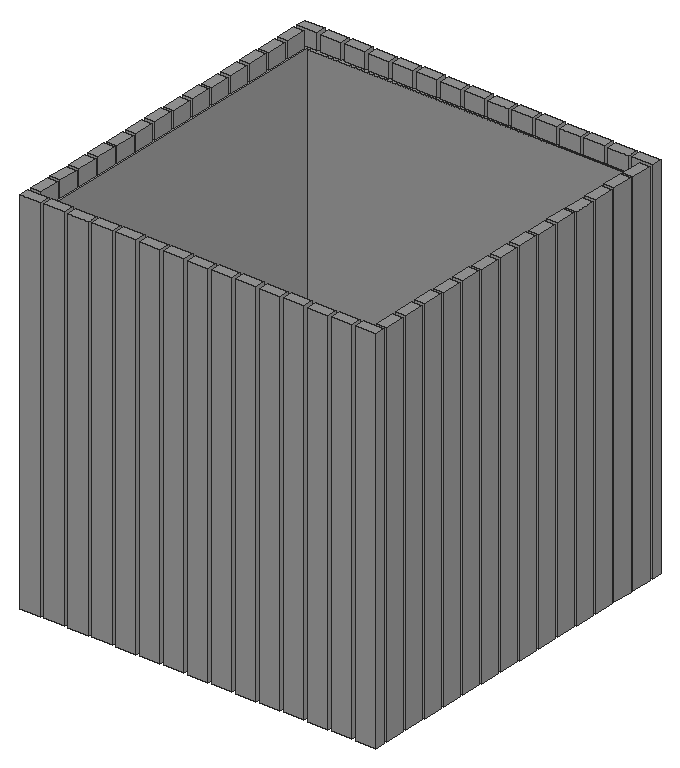
Revit family "5972 Вазон «Олеандр» Хоббика", category Антураж, Revit 2018 (continued)
Definition of nested family "Вазон «Олеандр» Арт 59972 700х700"
  Automatic sketch dimensions
    Extrusion 12 sketch curve to Extrusion 12 sketch curve = 40 mm  (x2)
    Extrusion 12 sketch curve to Extrusion 12 sketch curve = 20 mm  (x2)
    Extrusion 12 sketch curve to Extrusion 12 sketch curve = 0 mm
    Extrusion 12 sketch curve to Extrusion 12 sketch curve = 660 mm
    Extrusion 13 sketch curve to Extrusion 13 sketch curve = 40 mm  (x2)
    Extrusion 13 sketch curve to Extrusion 13 sketch curve = 20 mm  (x2)
    Extrusion 13 sketch curve to Extrusion 13 sketch curve = 0 mm
    Extrusion 13 sketch curve to Extrusion 13 sketch curve = 660 mm
    Extrusion 14 sketch curve to Extrusion 14 sketch curve = 40 mm  (x2)
    Extrusion 14 sketch curve to Extrusion 14 sketch curve = 20 mm  (x2)
    Extrusion 14 sketch curve to Extrusion 14 sketch curve = 0 mm
    Extrusion 14 sketch curve to Extrusion 14 sketch curve = 660 mm
    Extrusion 15 sketch curve to Extrusion 15 sketch curve = 40 mm  (x2)
    Extrusion 15 sketch curve to Extrusion 15 sketch curve = 20 mm  (x2)
    Extrusion 15 sketch curve to Extrusion 15 sketch curve = 0 mm
    Extrusion 15 sketch curve to Extrusion 15 sketch curve = 660 mm
    Extrusion 1 sketch curve to plane 3 "По центру (Влево/Вправо)" = 0 mm
    plane 1 "По центру (Вперед/Назад)" to Extrusion 1 sketch curve = 0 mm
    Extrusion 2 sketch curve to plane 5 = 0 mm
    Extrusion 2 sketch curve to plane 4 = 0 mm
    Extrusion 3 sketch curve to plane 5 = 0 mm
    plane 3 "По центру (Влево/Вправо)" to Extrusion 3 sketch curve = 47.143 mm
    Extrusion 4 sketch curve to plane 5 = 0 mm
    plane 3 "По центру (Влево/Вправо)" to Extrusion 4 sketch curve = 94.286 mm
    Extrusion 5 sketch curve to plane 5 = 0 mm
    plane 3 "По центру (Влево/Вправо)" to Extrusion 5 sketch curve = 141.429 mm
    Extrusion 6 sketch curve to plane 5 = 0 mm
    plane 3 "По центру (Влево/Вправо)" to Extrusion 6 sketch curve = 188.571 mm
    Extrusion 7 sketch curve to plane 5 = 0 mm
    plane 3 "По центру (Влево/Вправо)" to Extrusion 7 sketch curve = 235.714 mm
    Extrusion 8 sketch curve to plane 5 = 0 mm
    plane 3 "По центру (Влево/Вправо)" to Extrusion 8 sketch curve = 282.857 mm
    Extrusion 9 sketch curve to plane 5 = 0 mm
    plane 3 "По центру (Влево/Вправо)" to Extrusion 9 sketch curve = 330 mm
    Extrusion 10 sketch curve to plane 5 = 0 mm
    Extrusion 10 sketch curve to plane 4 = 322.857 mm
    Extrusion 11 sketch curve to plane 5 = 0 mm
    Extrusion 11 sketch curve to plane 4 = 275.714 mm
    Extrusion 12 sketch curve to plane 5 = 0 mm
    Extrusion 12 sketch curve to plane 4 = 228.571 mm
    Extrusion 13 sketch curve to plane 5 = 0 mm
    Extrusion 13 sketch curve to plane 4 = 181.429 mm
    Extrusion 14 sketch curve to plane 5 = 0 mm
    Extrusion 14 sketch curve to plane 4 = 134.286 mm
    Extrusion 15 sketch curve to plane 5 = 0 mm
    Extrusion 15 sketch curve to plane 4 = 87.143 mm
    Extrusion 16 sketch curve to Extrusion 16 sketch curve = 20 mm  (x2)
    Extrusion 16 sketch curve to Extrusion 16 sketch curve = 660 mm
    Extrusion 16 sketch curve to Extrusion 16 sketch curve = 0 mm
    Extrusion 16 sketch curve to Extrusion 16 sketch curve = 40 mm  (x2)
    Extrusion 17 sketch curve to Extrusion 17 sketch curve = 20 mm  (x2)
    Extrusion 17 sketch curve to Extrusion 17 sketch curve = 660 mm
    Extrusion 17 sketch curve to Extrusion 17 sketch curve = 0 mm
    Extrusion 17 sketch curve to Extrusion 17 sketch curve = 40 mm  (x2)
    Extrusion 18 sketch curve to Extrusion 18 sketch curve = 20 mm  (x2)
    Extrusion 18 sketch curve to Extrusion 18 sketch curve = 660 mm
    Extrusion 18 sketch curve to Extrusion 18 sketch curve = 0 mm
    Extrusion 18 sketch curve to Extrusion 18 sketch curve = 40 mm  (x2)
    Extrusion 19 sketch curve to Extrusion 19 sketch curve = 20 mm  (x2)
    Extrusion 19 sketch curve to Extrusion 19 sketch curve = 660 mm
    Extrusion 19 sketch curve to Extrusion 19 sketch curve = 0 mm
    Extrusion 19 sketch curve to Extrusion 19 sketch curve = 40 mm  (x2)
    Extrusion 20 sketch curve to Extrusion 20 sketch curve = 20 mm  (x2)
    Extrusion 20 sketch curve to Extrusion 20 sketch curve = 660 mm
    Extrusion 20 sketch curve to Extrusion 20 sketch curve = 0 mm
    Extrusion 20 sketch curve to Extrusion 20 sketch curve = 40 mm  (x2)
    Extrusion 21 sketch curve to Extrusion 21 sketch curve = 20 mm  (x2)
    Extrusion 21 sketch curve to Extrusion 21 sketch curve = 660 mm
    Extrusion 21 sketch curve to Extrusion 21 sketch curve = 0 mm
    Extrusion 21 sketch curve to Extrusion 21 sketch curve = 40 mm  (x2)
    Extrusion 22 sketch curve to Extrusion 22 sketch curve = 20 mm  (x2)
    Extrusion 22 sketch curve to Extrusion 22 sketch curve = 660 mm
    Extrusion 22 sketch curve to Extrusion 22 sketch curve = 0 mm
    Extrusion 22 sketch curve to Extrusion 22 sketch curve = 40 mm  (x2)
    Extrusion 23 sketch curve to Extrusion 23 sketch curve = 20 mm  (x2)
    Extrusion 23 sketch curve to Extrusion 23 sketch curve = 660 mm
    Extrusion 23 sketch curve to Extrusion 23 sketch curve = 0 mm
    Extrusion 23 sketch curve to Extrusion 23 sketch curve = 40 mm  (x2)
    Extrusion 24 sketch curve to Extrusion 24 sketch curve = 20 mm  (x2)
    Extrusion 24 sketch curve to Extrusion 24 sketch curve = 660 mm
    Extrusion 24 sketch curve to Extrusion 24 sketch curve = 0 mm
    Extrusion 24 sketch curve to Extrusion 24 sketch curve = 40 mm  (x2)
    Extrusion 25 sketch curve to Extrusion 25 sketch curve = 20 mm  (x2)
    Extrusion 25 sketch curve to Extrusion 25 sketch curve = 660 mm
    Extrusion 25 sketch curve to Extrusion 25 sketch curve = 0 mm
    Extrusion 25 sketch curve to Extrusion 25 sketch curve = 40 mm  (x2)
    Extrusion 26 sketch curve to Extrusion 26 sketch curve = 20 mm  (x2)
    Extrusion 26 sketch curve to Extrusion 26 sketch curve = 660 mm
    Extrusion 26 sketch curve to Extrusion 26 sketch curve = 0 mm
    Extrusion 26 sketch curve to Extrusion 26 sketch curve = 40 mm  (x2)
    Extrusion 27 sketch curve to Extrusion 27 sketch curve = 20 mm  (x2)
    Extrusion 27 sketch curve to Extrusion 27 sketch curve = 660 mm
    Extrusion 27 sketch curve to Extrusion 27 sketch curve = 0 mm
    Extrusion 27 sketch curve to Extrusion 27 sketch curve = 40 mm  (x2)
    Extrusion 28 sketch curve to Extrusion 28 sketch curve = 20 mm  (x2)
    Extrusion 28 sketch curve to Extrusion 28 sketch curve = 660 mm
    Extrusion 28 sketch curve to Extrusion 28 sketch curve = 0 mm
    Extrusion 28 sketch curve to Extrusion 28 sketch curve = 40 mm  (x2)
    Extrusion 29 sketch curve to Extrusion 29 sketch curve = 20 mm  (x2)
    Extrusion 29 sketch curve to Extrusion 29 sketch curve = 660 mm
    Extrusion 29 sketch curve to Extrusion 29 sketch curve = 0 mm
    Extrusion 29 sketch curve to Extrusion 29 sketch curve = 40 mm  (x2)
    Extrusion 16 sketch curve to plane 3 "По центру (Влево/Вправо)" = 0 mm
    Extrusion 16 sketch curve to plane 5 = 67.1 mm
    Extrusion 17 sketch curve to plane 3 "По центру (Влево/Вправо)" = 0 mm
    Extrusion 17 sketch curve to plane 1 "По центру (Вперед/Назад)" = 27.1 mm
    Extrusion 18 sketch curve to plane 3 "По центру (Влево/Вправо)" = 0 mm
    Extrusion 18 sketch curve to plane 5 = 113.7 mm
    Extrusion 19 sketch curve to plane 3 "По центру (Влево/Вправо)" = 0 mm
    Extrusion 19 sketch curve to plane 5 = 160.3 mm
    Extrusion 20 sketch curve to plane 3 "По центру (Влево/Вправо)" = 0 mm
    Extrusion 20 sketch curve to plane 5 = 206.9 mm
    Extrusion 21 sketch curve to plane 3 "По центру (Влево/Вправо)" = 0 mm
    Extrusion 21 sketch curve to plane 5 = 253.5 mm
    Extrusion 22 sketch curve to plane 3 "По центру (Влево/Вправо)" = 0 mm
    Extrusion 22 sketch curve to plane 5 = 300.1 mm
    Extrusion 23 sketch curve to plane 3 "По центру (Влево/Вправо)" = 0 mm
    Extrusion 23 sketch curve to plane 5 = 346.7 mm
    Extrusion 24 sketch curve to plane 3 "По центру (Влево/Вправо)" = 0 mm
    Extrusion 24 sketch curve to plane 1 "По центру (Вперед/Назад)" = 306.7 mm
    Extrusion 25 sketch curve to plane 3 "По центру (Влево/Вправо)" = 0 mm
    Extrusion 25 sketch curve to plane 1 "По центру (Вперед/Назад)" = 260.1 mm
    Extrusion 26 sketch curve to plane 3 "По центру (Влево/Вправо)" = 0 mm
    Extrusion 26 sketch curve to plane 1 "По центру (Вперед/Назад)" = 213.5 mm
    Extrusion 27 sketch curve to plane 3 "По центру (Влево/Вправо)" = 0 mm
    Extrusion 27 sketch curve to plane 1 "По центру (Вперед/Назад)" = 166.9 mm
    Extrusion 28 sketch curve to plane 3 "По центру (Влево/Вправо)" = 0 mm
    Extrusion 28 sketch curve to plane 1 "По центру (Вперед/Назад)" = 120.3 mm
    Extrusion 29 sketch curve to plane 3 "По центру (Влево/Вправо)" = 0 mm
    Extrusion 29 sketch curve to plane 1 "По центру (Вперед/Назад)" = 73.7 mm
    plane 3 "По центру (Влево/Вправо)" to Extrusion 30 sketch curve = 20 mm
    Extrusion 30 sketch curve to plane 4 = 20 mm
    Extrusion 30 sketch curve to plane 1 "По центру (Вперед/Назад)" = 20 mm
    Extrusion 30 sketch curve to plane 5 = 20 mm
    Extrusion 30 sketch curve to Extrusion 30 sketch curve = 5 mm  (x4)
    plane 3 "По центру (Влево/Вправо)" to Extrusion 31 sketch curve = 25 mm
    Extrusion 31 sketch curve to plane 4 = 25 mm
    Extrusion 31 sketch curve to plane 1 "По центру (Вперед/Назад)" = 25 mm
    Extrusion 31 sketch curve to plane 5 = 25 mm
Definition of nested family "Вазон «Олеандр» Арт 59972 1000х1000"
  Parameters (values of type "Вазон «Олеандр» Арт 59972 1000х1000")
    Ширина = 1000 mm
    Цвет отделки = none
    Цвет каркаса = none
    Длина = 1000 mm
    Height = 1000 mm
  Reference planes
    plane 1 "По центру (Вперед/Назад)": y = 0
    plane 2: z = 0
    plane 3 "По центру (Влево/Вправо)": x = 0
    plane 4: x = 1000
    plane 5: y = 1000
    plane 6: z = 1000
  Forms (mm)
    Extrusion 1, solid, material <- "Цвет отделки"
      sketch origin (0, 0, 0) x (1, 0, 0) y (0, 1, 0)
        loop
          line (0, 1000) -> (0, 980) -> (40, 980) -> (40, 1000) -> (0, 1000)
        loop
          line (0, 20) -> (0, 0) -> (40, 0) -> (40, 20) -> (0, 20)
      from 0 to 1000
    Extrusion 2, solid, material <- "Цвет отделки"
      sketch origin (0, 2, 0) x (1, 0, 0) y (0, 1, 0)
        loop
          line (20, 970) -> (0, 970) -> (0, 930) -> (20, 930) -> (20, 970)
        loop
          line (1000, 970) -> (980, 970) -> (980, 930) -> (1000, 930) -> (1000, 970)
      from 0 to 1000
    Extrusion 3, solid, material <- "Цвет каркаса"
      sketch origin (0, 0, 0) x (1, 0, 0) y (0, 1, 0)
        loop
          line (20, 980) -> (20, 20) -> (980, 20) -> (980, 980) -> (20, 980)
        loop
          line (25, 975) -> (25, 25) -> (975, 25) -> (975, 975) -> (25, 975)
      from 0 to 970
    Extrusion 4, solid, material <- "Цвет каркаса"
      sketch origin (0, 0, 0) x (1, 0, 0) y (0, 1, 0)
        loop
          line (25, 975) -> (25, 25) -> (975, 25) -> (975, 975) -> (25, 975)
      from 0 to 5
    Extrusion 5, solid, material <- "Цвет отделки"
      sketch origin (960, 0, 0) x (1, 0, 0) y (0, 1, 0)
        loop
          line (0, 1000) -> (0, 980) -> (40, 980) -> (40, 1000) -> (0, 1000)
        loop
          line (0, 20) -> (0, 0) -> (40, 0) -> (40, 20) -> (0, 20)
      from 0 to 1000
    Extrusion 6, solid, material <- "Цвет отделки"
      sketch origin (48, 0, 0) x (1, 0, 0) y (0, 1, 0)
        loop
          line (0, 1000) -> (0, 980) -> (40, 980) -> (40, 1000) -> (0, 1000)
        loop
          line (0, 20) -> (0, 0) -> (40, 0) -> (40, 20) -> (0, 20)
      from 0 to 1000
    Extrusion 7, solid, material <- "Цвет отделки"
      sketch origin (96, 0, 0) x (1, 0, 0) y (0, 1, 0)
        loop
          line (0, 1000) -> (0, 980) -> (40, 980) -> (40, 1000) -> (0, 1000)
        loop
          line (0, 20) -> (0, 0) -> (40, 0) -> (40, 20) -> (0, 20)
      from 0 to 1000
    Extrusion 8, solid, material <- "Цвет отделки"
      sketch origin (144, 0, 0) x (1, 0, 0) y (0, 1, 0)
        loop
          line (0, 1000) -> (0, 980) -> (40, 980) -> (40, 1000) -> (0, 1000)
        loop
          line (0, 20) -> (0, 0) -> (40, 0) -> (40, 20) -> (0, 20)
      from 0 to 1000
    Extrusion 9, solid, material <- "Цвет отделки"
      sketch origin (192, 0, 0) x (1, 0, 0) y (0, 1, 0)
        loop
          line (0, 1000) -> (0, 980) -> (40, 980) -> (40, 1000) -> (0, 1000)
        loop
          line (0, 20) -> (0, 0) -> (40, 0) -> (40, 20) -> (0, 20)
      from 0 to 1000
    Extrusion 10, solid, material <- "Цвет отделки"
      sketch origin (240, 0, 0) x (1, 0, 0) y (0, 1, 0)
        loop
          line (0, 1000) -> (0, 980) -> (40, 980) -> (40, 1000) -> (0, 1000)
        loop
          line (0, 20) -> (0, 0) -> (40, 0) -> (40, 20) -> (0, 20)
      from 0 to 1000
    Extrusion 11, solid, material <- "Цвет отделки"
      sketch origin (288, 0, 0) x (1, 0, 0) y (0, 1, 0)
        loop
          line (0, 1000) -> (0, 980) -> (40, 980) -> (40, 1000) -> (0, 1000)
        loop
          line (0, 20) -> (0, 0) -> (40, 0) -> (40, 20) -> (0, 20)
      from 0 to 1000
    Extrusion 12, solid, material <- "Цвет отделки"
      sketch origin (336, 0, 0) x (1, 0, 0) y (0, 1, 0)
        loop
          line (0, 1000) -> (0, 980) -> (40, 980) -> (40, 1000) -> (0, 1000)
        loop
          line (0, 20) -> (0, 0) -> (40, 0) -> (40, 20) -> (0, 20)
      from 0 to 1000
    Extrusion 13, solid, material <- "Цвет отделки"
      sketch origin (384, 0, 0) x (1, 0, 0) y (0, 1, 0)
        loop
          line (0, 1000) -> (0, 980) -> (40, 980) -> (40, 1000) -> (0, 1000)
        loop
          line (0, 20) -> (0, 0) -> (40, 0) -> (40, 20) -> (0, 20)
      from 0 to 1000
    Extrusion 14, solid, material <- "Цвет отделки"
      sketch origin (432, 0, 0) x (1, 0, 0) y (0, 1, 0)
        loop
          line (0, 1000) -> (0, 980) -> (40, 980) -> (40, 1000) -> (0, 1000)
        loop
          line (0, 20) -> (0, 0) -> (40, 0) -> (40, 20) -> (0, 20)
      from 0 to 1000
    Extrusion 15, solid, material <- "Цвет отделки"
      sketch origin (480, 0, 0) x (1, 0, 0) y (0, 1, 0)
        loop
          line (0, 1000) -> (0, 980) -> (40, 980) -> (40, 1000) -> (0, 1000)
        loop
          line (0, 20) -> (0, 0) -> (40, 0) -> (40, 20) -> (0, 20)
      from 0 to 1000
    Extrusion 16, solid, material <- "Цвет отделки"
      sketch origin (528, 0, 0) x (1, 0, 0) y (0, 1, 0)
        loop
          line (0, 1000) -> (0, 980) -> (40, 980) -> (40, 1000) -> (0, 1000)
        loop
          line (0, 20) -> (0, 0) -> (40, 0) -> (40, 20) -> (0, 20)
      from 0 to 1000
    Extrusion 17, solid, material <- "Цвет отделки"
      sketch origin (576, 0, 0) x (1, 0, 0) y (0, 1, 0)
        loop
          line (0, 1000) -> (0, 980) -> (40, 980) -> (40, 1000) -> (0, 1000)
        loop
          line (0, 20) -> (0, 0) -> (40, 0) -> (40, 20) -> (0, 20)
      from 0 to 1000
    Extrusion 18, solid, material <- "Цвет отделки"
      sketch origin (624, 0, 0) x (1, 0, 0) y (0, 1, 0)
        loop
          line (0, 1000) -> (0, 980) -> (40, 980) -> (40, 1000) -> (0, 1000)
        loop
          line (0, 20) -> (0, 0) -> (40, 0) -> (40, 20) -> (0, 20)
      from 0 to 1000
    Extrusion 19, solid, material <- "Цвет отделки"
      sketch origin (672, 0, 0) x (1, 0, 0) y (0, 1, 0)
        loop
          line (0, 1000) -> (0, 980) -> (40, 980) -> (40, 1000) -> (0, 1000)
        loop
          line (0, 20) -> (0, 0) -> (40, 0) -> (40, 20) -> (0, 20)
      from 0 to 1000
    Extrusion 20, solid, material <- "Цвет отделки"
      sketch origin (720, 0, 0) x (1, 0, 0) y (0, 1, 0)
        loop
          line (0, 1000) -> (0, 980) -> (40, 980) -> (40, 1000) -> (0, 1000)
        loop
          line (0, 20) -> (0, 0) -> (40, 0) -> (40, 20) -> (0, 20)
      from 0 to 1000
    Extrusion 21, solid, material <- "Цвет отделки"
      sketch origin (768, 0, 0) x (1, 0, 0) y (0, 1, 0)
        loop
          line (0, 1000) -> (0, 980) -> (40, 980) -> (40, 1000) -> (0, 1000)
        loop
          line (0, 20) -> (0, 0) -> (40, 0) -> (40, 20) -> (0, 20)
      from 0 to 1000
    Extrusion 22, solid, material <- "Цвет отделки"
      sketch origin (816, 0, 0) x (1, 0, 0) y (0, 1, 0)
        loop
          line (0, 1000) -> (0, 980) -> (40, 980) -> (40, 1000) -> (0, 1000)
        loop
          line (0, 20) -> (0, 0) -> (40, 0) -> (40, 20) -> (0, 20)
      from 0 to 1000
    Extrusion 23, solid, material <- "Цвет отделки"
      sketch origin (864, 0, 0) x (1, 0, 0) y (0, 1, 0)
        loop
          line (0, 1000) -> (0, 980) -> (40, 980) -> (40, 1000) -> (0, 1000)
        loop
          line (0, 20) -> (0, 0) -> (40, 0) -> (40, 20) -> (0, 20)
      from 0 to 1000
    Extrusion 24, solid, material <- "Цвет отделки"
      sketch origin (912, 0, 0) x (1, 0, 0) y (0, 1, 0)
        loop
          line (0, 1000) -> (0, 980) -> (40, 980) -> (40, 1000) -> (0, 1000)
        loop
          line (0, 20) -> (0, 0) -> (40, 0) -> (40, 20) -> (0, 20)
      from 0 to 1000
    Extrusion 25, solid, material <- "Цвет отделки"
      sketch origin (0, -902, 0) x (1, 0, 0) y (0, 1, 0)
        loop
          line (20, 970) -> (0, 970) -> (0, 930) -> (20, 930) -> (20, 970)
        loop
          line (1000, 970) -> (980, 970) -> (980, 930) -> (1000, 930) -> (1000, 970)
      from 0 to 1000
    Extrusion 26, solid, material <- "Цвет отделки"
      sketch origin (0, -45.579, 0) x (1, 0, 0) y (0, 1, 0)
        loop
          line (20, 970) -> (0, 970) -> (0, 930) -> (20, 930) -> (20, 970)
        loop
          line (1000, 970) -> (980, 970) -> (980, 930) -> (1000, 930) -> (1000, 970)
      from 0 to 1000
    Extrusion 27, solid, material <- "Цвет отделки"
      sketch origin (0, -93.158, 0) x (1, 0, 0) y (0, 1, 0)
        loop
          line (20, 970) -> (0, 970) -> (0, 930) -> (20, 930) -> (20, 970)
        loop
          line (1000, 970) -> (980, 970) -> (980, 930) -> (1000, 930) -> (1000, 970)
      from 0 to 1000
    Extrusion 28, solid, material <- "Цвет отделки"
      sketch origin (0, -140.737, 0) x (1, 0, 0) y (0, 1, 0)
        loop
          line (20, 970) -> (0, 970) -> (0, 930) -> (20, 930) -> (20, 970)
        loop
          line (1000, 970) -> (980, 970) -> (980, 930) -> (1000, 930) -> (1000, 970)
      from 0 to 1000
    Extrusion 29, solid, material <- "Цвет отделки"
      sketch origin (0, -188.316, 0) x (1, 0, 0) y (0, 1, 0)
        loop
          line (20, 970) -> (0, 970) -> (0, 930) -> (20, 930) -> (20, 970)
        loop
          line (1000, 970) -> (980, 970) -> (980, 930) -> (1000, 930) -> (1000, 970)
      from 0 to 1000
    Extrusion 30, solid, material <- "Цвет отделки"
      sketch origin (0, -235.895, 0) x (1, 0, 0) y (0, 1, 0)
        loop
          line (20, 970) -> (0, 970) -> (0, 930) -> (20, 930) -> (20, 970)
        loop
          line (1000, 970) -> (980, 970) -> (980, 930) -> (1000, 930) -> (1000, 970)
      from 0 to 1000
    Extrusion 31, solid, material <- "Цвет отделки"
      sketch origin (0, -283.474, 0) x (1, 0, 0) y (0, 1, 0)
        loop
          line (20, 970) -> (0, 970) -> (0, 930) -> (20, 930) -> (20, 970)
        loop
          line (1000, 970) -> (980, 970) -> (980, 930) -> (1000, 930) -> (1000, 970)
      from 0 to 1000
    Extrusion 32, solid, material <- "Цвет отделки"
      sketch origin (0, -331.053, 0) x (1, 0, 0) y (0, 1, 0)
        loop
          line (20, 970) -> (0, 970) -> (0, 930) -> (20, 930) -> (20, 970)
        loop
          line (1000, 970) -> (980, 970) -> (980, 930) -> (1000, 930) -> (1000, 970)
      from 0 to 1000
    Extrusion 33, solid, material <- "Цвет отделки"
      sketch origin (0, -378.632, 0) x (1, 0, 0) y (0, 1, 0)
        loop
          line (20, 970) -> (0, 970) -> (0, 930) -> (20, 930) -> (20, 970)
        loop
          line (1000, 970) -> (980, 970) -> (980, 930) -> (1000, 930) -> (1000, 970)
      from 0 to 1000
    Extrusion 34, solid, material <- "Цвет отделки"
      sketch origin (0, -426.211, 0) x (1, 0, 0) y (0, 1, 0)
        loop
          line (20, 970) -> (0, 970) -> (0, 930) -> (20, 930) -> (20, 970)
        loop
          line (1000, 970) -> (980, 970) -> (980, 930) -> (1000, 930) -> (1000, 970)
      from 0 to 1000
    Extrusion 35, solid, material <- "Цвет отделки"
      sketch origin (0, -473.789, 0) x (1, 0, 0) y (0, 1, 0)
        loop
          line (20, 970) -> (0, 970) -> (0, 930) -> (20, 930) -> (20, 970)
        loop
          line (1000, 970) -> (980, 970) -> (980, 930) -> (1000, 930) -> (1000, 970)
      from 0 to 1000
    Extrusion 36, solid, material <- "Цвет отделки"
      sketch origin (0, -521.368, 0) x (1, 0, 0) y (0, 1, 0)
        loop
          line (20, 970) -> (0, 970) -> (0, 930) -> (20, 930) -> (20, 970)
        loop
          line (1000, 970) -> (980, 970) -> (980, 930) -> (1000, 930) -> (1000, 970)
      from 0 to 1000
    Extrusion 37, solid, material <- "Цвет отделки"
      sketch origin (0, -568.947, 0) x (1, 0, 0) y (0, 1, 0)
        loop
          line (20, 970) -> (0, 970) -> (0, 930) -> (20, 930) -> (20, 970)
        loop
          line (1000, 970) -> (980, 970) -> (980, 930) -> (1000, 930) -> (1000, 970)
      from 0 to 1000
    Extrusion 38, solid, material <- "Цвет отделки"
      sketch origin (0, -616.526, 0) x (1, 0, 0) y (0, 1, 0)
        loop
          line (20, 970) -> (0, 970) -> (0, 930) -> (20, 930) -> (20, 970)
        loop
          line (1000, 970) -> (980, 970) -> (980, 930) -> (1000, 930) -> (1000, 970)
      from 0 to 1000
    Extrusion 39, solid, material <- "Цвет отделки"
      sketch origin (0, -664.105, 0) x (1, 0, 0) y (0, 1, 0)
        loop
          line (20, 970) -> (0, 970) -> (0, 930) -> (20, 930) -> (20, 970)
        loop
          line (1000, 970) -> (980, 970) -> (980, 930) -> (1000, 930) -> (1000, 970)
      from 0 to 1000
    Extrusion 40, solid, material <- "Цвет отделки"
      sketch origin (0, -711.684, 0) x (1, 0, 0) y (0, 1, 0)
        loop
          line (20, 970) -> (0, 970) -> (0, 930) -> (20, 930) -> (20, 970)
        loop
          line (1000, 970) -> (980, 970) -> (980, 930) -> (1000, 930) -> (1000, 970)
      from 0 to 1000
    Extrusion 41, solid, material <- "Цвет отделки"
      sketch origin (0, -759.263, 0) x (1, 0, 0) y (0, 1, 0)
        loop
          line (20, 970) -> (0, 970) -> (0, 930) -> (20, 930) -> (20, 970)
        loop
          line (1000, 970) -> (980, 970) -> (980, 930) -> (1000, 930) -> (1000, 970)
      from 0 to 1000
    Extrusion 42, solid, material <- "Цвет отделки"
      sketch origin (0, -806.842, 0) x (1, 0, 0) y (0, 1, 0)
        loop
          line (20, 970) -> (0, 970) -> (0, 930) -> (20, 930) -> (20, 970)
        loop
          line (1000, 970) -> (980, 970) -> (980, 930) -> (1000, 930) -> (1000, 970)
      from 0 to 1000
    Extrusion 43, solid, material <- "Цвет отделки"
      sketch origin (0, -854.421, 0) x (1, 0, 0) y (0, 1, 0)
        loop
          line (20, 970) -> (0, 970) -> (0, 930) -> (20, 930) -> (20, 970)
        loop
          line (1000, 970) -> (980, 970) -> (980, 930) -> (1000, 930) -> (1000, 970)
      from 0 to 1000
  Dimensions and locks
    "Ширина": plane 5 to plane 1 "По центру (Вперед/Назад)"
    "Длина": plane 3 "По центру (Влево/Вправо)" to plane 4
    "Height": plane 6 to plane 2
    aligned and locked: level to plane 2
  Automatic sketch dimensions
    Extrusion 1 sketch curve to Extrusion 1 sketch curve = 40 mm  (x2)
    Extrusion 1 sketch curve to Extrusion 1 sketch curve = 20 mm  (x2)
    Extrusion 1 sketch curve to Extrusion 1 sketch curve = 0 mm
    Extrusion 1 sketch curve to Extrusion 1 sketch curve = 960 mm
    Extrusion 2 sketch curve to Extrusion 2 sketch curve = 20 mm  (x2)
    Extrusion 2 sketch curve to Extrusion 2 sketch curve = 960 mm
    Extrusion 2 sketch curve to Extrusion 2 sketch curve = 0 mm
    Extrusion 2 sketch curve to Extrusion 2 sketch curve = 40 mm  (x2)
    plane 3 "По центру (Влево/Вправо)" to Extrusion 3 sketch curve = 20 mm
    Extrusion 3 sketch curve to plane 4 = 20 mm
    Extrusion 3 sketch curve to plane 1 "По центру (Вперед/Назад)" = 20 mm
    Extrusion 3 sketch curve to plane 5 = 20 mm
    Extrusion 3 sketch curve to Extrusion 3 sketch curve = 5 mm  (x4)
    plane 3 "По центру (Влево/Вправо)" to Extrusion 4 sketch curve = 25 mm
    Extrusion 4 sketch curve to plane 4 = 25 mm
    Extrusion 4 sketch curve to plane 1 "По центру (Вперед/Назад)" = 25 mm
    Extrusion 4 sketch curve to plane 5 = 25 mm
    Extrusion 5 sketch curve to Extrusion 5 sketch curve = 40 mm  (x2)
    Extrusion 5 sketch curve to Extrusion 5 sketch curve = 20 mm  (x2)
    Extrusion 5 sketch curve to Extrusion 5 sketch curve = 0 mm
    Extrusion 5 sketch curve to Extrusion 5 sketch curve = 960 mm
    Extrusion 6 sketch curve to Extrusion 6 sketch curve = 40 mm  (x2)
    Extrusion 6 sketch curve to Extrusion 6 sketch curve = 20 mm  (x2)
    Extrusion 6 sketch curve to Extrusion 6 sketch curve = 0 mm
    Extrusion 6 sketch curve to Extrusion 6 sketch curve = 960 mm
    Extrusion 7 sketch curve to Extrusion 7 sketch curve = 40 mm  (x2)
    Extrusion 7 sketch curve to Extrusion 7 sketch curve = 20 mm  (x2)
    Extrusion 7 sketch curve to Extrusion 7 sketch curve = 0 mm
    Extrusion 7 sketch curve to Extrusion 7 sketch curve = 960 mm
    Extrusion 8 sketch curve to Extrusion 8 sketch curve = 40 mm  (x2)
    Extrusion 8 sketch curve to Extrusion 8 sketch curve = 20 mm  (x2)
    Extrusion 8 sketch curve to Extrusion 8 sketch curve = 0 mm
    Extrusion 8 sketch curve to Extrusion 8 sketch curve = 960 mm
    Extrusion 9 sketch curve to Extrusion 9 sketch curve = 40 mm  (x2)
    Extrusion 9 sketch curve to Extrusion 9 sketch curve = 20 mm  (x2)
    Extrusion 9 sketch curve to Extrusion 9 sketch curve = 0 mm
    Extrusion 9 sketch curve to Extrusion 9 sketch curve = 960 mm
    Extrusion 10 sketch curve to Extrusion 10 sketch curve = 40 mm  (x2)
    Extrusion 10 sketch curve to Extrusion 10 sketch curve = 20 mm  (x2)
    Extrusion 10 sketch curve to Extrusion 10 sketch curve = 0 mm
    Extrusion 10 sketch curve to Extrusion 10 sketch curve = 960 mm
    Extrusion 11 sketch curve to Extrusion 11 sketch curve = 40 mm  (x2)
    Extrusion 11 sketch curve to Extrusion 11 sketch curve = 20 mm  (x2)
    Extrusion 11 sketch curve to Extrusion 11 sketch curve = 0 mm
    Extrusion 11 sketch curve to Extrusion 11 sketch curve = 960 mm
    Extrusion 12 sketch curve to Extrusion 12 sketch curve = 40 mm  (x2)
    Extrusion 12 sketch curve to Extrusion 12 sketch curve = 20 mm  (x2)
    Extrusion 12 sketch curve to Extrusion 12 sketch curve = 0 mm
    Extrusion 12 sketch curve to Extrusion 12 sketch curve = 960 mm
    Extrusion 13 sketch curve to Extrusion 13 sketch curve = 40 mm  (x2)
    Extrusion 13 sketch curve to Extrusion 13 sketch curve = 20 mm  (x2)
    Extrusion 13 sketch curve to Extrusion 13 sketch curve = 0 mm
    Extrusion 13 sketch curve to Extrusion 13 sketch curve = 960 mm
    Extrusion 14 sketch curve to Extrusion 14 sketch curve = 40 mm  (x2)
    Extrusion 14 sketch curve to Extrusion 14 sketch curve = 20 mm  (x2)
    Extrusion 14 sketch curve to Extrusion 14 sketch curve = 0 mm
    Extrusion 14 sketch curve to Extrusion 14 sketch curve = 960 mm
    Extrusion 15 sketch curve to Extrusion 15 sketch curve = 40 mm  (x2)
    Extrusion 15 sketch curve to Extrusion 15 sketch curve = 20 mm  (x2)
    Extrusion 15 sketch curve to Extrusion 15 sketch curve = 0 mm
    Extrusion 15 sketch curve to Extrusion 15 sketch curve = 960 mm
    Extrusion 16 sketch curve to Extrusion 16 sketch curve = 40 mm  (x2)
    Extrusion 16 sketch curve to Extrusion 16 sketch curve = 20 mm  (x2)
    Extrusion 16 sketch curve to Extrusion 16 sketch curve = 0 mm
    Extrusion 16 sketch curve to Extrusion 16 sketch curve = 960 mm
    Extrusion 17 sketch curve to Extrusion 17 sketch curve = 40 mm  (x2)
    Extrusion 17 sketch curve to Extrusion 17 sketch curve = 20 mm  (x2)
    Extrusion 17 sketch curve to Extrusion 17 sketch curve = 0 mm
    Extrusion 17 sketch curve to Extrusion 17 sketch curve = 960 mm
    Extrusion 18 sketch curve to Extrusion 18 sketch curve = 40 mm  (x2)
    Extrusion 18 sketch curve to Extrusion 18 sketch curve = 20 mm  (x2)
    Extrusion 18 sketch curve to Extrusion 18 sketch curve = 0 mm
    Extrusion 18 sketch curve to Extrusion 18 sketch curve = 960 mm
    Extrusion 19 sketch curve to Extrusion 19 sketch curve = 40 mm  (x2)
    Extrusion 19 sketch curve to Extrusion 19 sketch curve = 20 mm  (x2)
    Extrusion 19 sketch curve to Extrusion 19 sketch curve = 0 mm
    Extrusion 19 sketch curve to Extrusion 19 sketch curve = 960 mm
    Extrusion 20 sketch curve to Extrusion 20 sketch curve = 40 mm  (x2)
    Extrusion 20 sketch curve to Extrusion 20 sketch curve = 20 mm  (x2)
    Extrusion 20 sketch curve to Extrusion 20 sketch curve = 0 mm
    Extrusion 20 sketch curve to Extrusion 20 sketch curve = 960 mm
    Extrusion 21 sketch curve to Extrusion 21 sketch curve = 40 mm  (x2)
    Extrusion 21 sketch curve to Extrusion 21 sketch curve = 20 mm  (x2)
    Extrusion 21 sketch curve to Extrusion 21 sketch curve = 0 mm
    Extrusion 21 sketch curve to Extrusion 21 sketch curve = 960 mm
    Extrusion 22 sketch curve to Extrusion 22 sketch curve = 40 mm  (x2)
    Extrusion 22 sketch curve to Extrusion 22 sketch curve = 20 mm  (x2)
    Extrusion 22 sketch curve to Extrusion 22 sketch curve = 0 mm
    Extrusion 22 sketch curve to Extrusion 22 sketch curve = 960 mm
    Extrusion 23 sketch curve to Extrusion 23 sketch curve = 40 mm  (x2)
    Extrusion 23 sketch curve to Extrusion 23 sketch curve = 20 mm  (x2)
    Extrusion 23 sketch curve to Extrusion 23 sketch curve = 0 mm
    Extrusion 23 sketch curve to Extrusion 23 sketch curve = 960 mm
    Extrusion 24 sketch curve to Extrusion 24 sketch curve = 40 mm  (x2)
    Extrusion 24 sketch curve to Extrusion 24 sketch curve = 20 mm  (x2)
    Extrusion 24 sketch curve to Extrusion 24 sketch curve = 0 mm
    Extrusion 24 sketch curve to Extrusion 24 sketch curve = 960 mm
    Extrusion 25 sketch curve to Extrusion 25 sketch curve = 20 mm  (x2)
    Extrusion 25 sketch curve to Extrusion 25 sketch curve = 960 mm
    Extrusion 25 sketch curve to Extrusion 25 sketch curve = 0 mm
    Extrusion 25 sketch curve to Extrusion 25 sketch curve = 40 mm  (x2)
    Extrusion 26 sketch curve to Extrusion 26 sketch curve = 20 mm  (x2)
    Extrusion 26 sketch curve to Extrusion 26 sketch curve = 960 mm
    Extrusion 26 sketch curve to Extrusion 26 sketch curve = 0 mm
    Extrusion 26 sketch curve to Extrusion 26 sketch curve = 40 mm  (x2)
    Extrusion 27 sketch curve to Extrusion 27 sketch curve = 20 mm  (x2)
    Extrusion 27 sketch curve to Extrusion 27 sketch curve = 960 mm
    Extrusion 27 sketch curve to Extrusion 27 sketch curve = 0 mm
    Extrusion 27 sketch curve to Extrusion 27 sketch curve = 40 mm  (x2)
    Extrusion 28 sketch curve to Extrusion 28 sketch curve = 20 mm  (x2)
    Extrusion 28 sketch curve to Extrusion 28 sketch curve = 960 mm
    Extrusion 28 sketch curve to Extrusion 28 sketch curve = 0 mm
    Extrusion 28 sketch curve to Extrusion 28 sketch curve = 40 mm  (x2)
    Extrusion 29 sketch curve to Extrusion 29 sketch curve = 20 mm  (x2)
    Extrusion 29 sketch curve to Extrusion 29 sketch curve = 960 mm
    Extrusion 29 sketch curve to Extrusion 29 sketch curve = 0 mm
    Extrusion 29 sketch curve to Extrusion 29 sketch curve = 40 mm  (x2)
    Extrusion 30 sketch curve to Extrusion 30 sketch curve = 20 mm  (x2)
    Extrusion 30 sketch curve to Extrusion 30 sketch curve = 960 mm
    Extrusion 30 sketch curve to Extrusion 30 sketch curve = 0 mm
    Extrusion 30 sketch curve to Extrusion 30 sketch curve = 40 mm  (x2)
    Extrusion 31 sketch curve to Extrusion 31 sketch curve = 20 mm  (x2)
    Extrusion 31 sketch curve to Extrusion 31 sketch curve = 960 mm
    Extrusion 31 sketch curve to Extrusion 31 sketch curve = 0 mm
    Extrusion 31 sketch curve to Extrusion 31 sketch curve = 40 mm  (x2)
    Extrusion 32 sketch curve to Extrusion 32 sketch curve = 20 mm  (x2)
    Extrusion 32 sketch curve to Extrusion 32 sketch curve = 960 mm
    Extrusion 32 sketch curve to Extrusion 32 sketch curve = 0 mm
    Extrusion 32 sketch curve to Extrusion 32 sketch curve = 40 mm  (x2)
    Extrusion 33 sketch curve to Extrusion 33 sketch curve = 20 mm  (x2)
    Extrusion 33 sketch curve to Extrusion 33 sketch curve = 960 mm
    Extrusion 33 sketch curve to Extrusion 33 sketch curve = 0 mm
    Extrusion 33 sketch curve to Extrusion 33 sketch curve = 40 mm  (x2)
    Extrusion 34 sketch curve to Extrusion 34 sketch curve = 20 mm  (x2)
    Extrusion 34 sketch curve to Extrusion 34 sketch curve = 960 mm
    Extrusion 34 sketch curve to Extrusion 34 sketch curve = 0 mm
    Extrusion 34 sketch curve to Extrusion 34 sketch curve = 40 mm  (x2)
    Extrusion 35 sketch curve to Extrusion 35 sketch curve = 20 mm  (x2)
    Extrusion 35 sketch curve to Extrusion 35 sketch curve = 960 mm
    Extrusion 35 sketch curve to Extrusion 35 sketch curve = 0 mm
    Extrusion 35 sketch curve to Extrusion 35 sketch curve = 40 mm  (x2)
    Extrusion 36 sketch curve to Extrusion 36 sketch curve = 20 mm  (x2)
    Extrusion 36 sketch curve to Extrusion 36 sketch curve = 960 mm
    Extrusion 36 sketch curve to Extrusion 36 sketch curve = 0 mm
    Extrusion 36 sketch curve to Extrusion 36 sketch curve = 40 mm  (x2)
    Extrusion 37 sketch curve to Extrusion 37 sketch curve = 20 mm  (x2)
    Extrusion 37 sketch curve to Extrusion 37 sketch curve = 960 mm
    Extrusion 37 sketch curve to Extrusion 37 sketch curve = 0 mm
    Extrusion 37 sketch curve to Extrusion 37 sketch curve = 40 mm  (x2)
    Extrusion 38 sketch curve to Extrusion 38 sketch curve = 20 mm  (x2)
    Extrusion 38 sketch curve to Extrusion 38 sketch curve = 960 mm
    Extrusion 38 sketch curve to Extrusion 38 sketch curve = 0 mm
    Extrusion 38 sketch curve to Extrusion 38 sketch curve = 40 mm  (x2)
    Extrusion 39 sketch curve to Extrusion 39 sketch curve = 20 mm  (x2)
    Extrusion 39 sketch curve to Extrusion 39 sketch curve = 960 mm
    Extrusion 39 sketch curve to Extrusion 39 sketch curve = 0 mm
    Extrusion 39 sketch curve to Extrusion 39 sketch curve = 40 mm  (x2)
    Extrusion 40 sketch curve to Extrusion 40 sketch curve = 20 mm  (x2)
    Extrusion 40 sketch curve to Extrusion 40 sketch curve = 960 mm
    Extrusion 40 sketch curve to Extrusion 40 sketch curve = 0 mm
    Extrusion 40 sketch curve to Extrusion 40 sketch curve = 40 mm  (x2)
    Extrusion 41 sketch curve to Extrusion 41 sketch curve = 20 mm  (x2)
    Extrusion 41 sketch curve to Extrusion 41 sketch curve = 960 mm
    Extrusion 41 sketch curve to Extrusion 41 sketch curve = 0 mm
    Extrusion 41 sketch curve to Extrusion 41 sketch curve = 40 mm  (x2)
    Extrusion 42 sketch curve to Extrusion 42 sketch curve = 20 mm  (x2)
    Extrusion 42 sketch curve to Extrusion 42 sketch curve = 960 mm
    Extrusion 42 sketch curve to Extrusion 42 sketch curve = 0 mm
    Extrusion 42 sketch curve to Extrusion 42 sketch curve = 40 mm  (x2)
    Extrusion 43 sketch curve to Extrusion 43 sketch curve = 20 mm  (x2)
    Extrusion 43 sketch curve to Extrusion 43 sketch curve = 960 mm
    Extrusion 43 sketch curve to Extrusion 43 sketch curve = 0 mm
    Extrusion 43 sketch curve to Extrusion 43 sketch curve = 40 mm  (x2)
    Extrusion 1 sketch curve to plane 3 "По центру (Влево/Вправо)" = 0 mm
    plane 1 "По центру (Вперед/Назад)" to Extrusion 1 sketch curve = 0 mm
    Extrusion 2 sketch curve to plane 3 "По центру (Влево/Вправо)" = 0 mm
    Extrusion 2 sketch curve to plane 5 = 68 mm
    Extrusion 5 sketch curve to plane 5 = 0 mm
    Extrusion 5 sketch curve to plane 4 = 0 mm
    Extrusion 6 sketch curve to plane 5 = 0 mm
    plane 3 "По центру (Влево/Вправо)" to Extrusion 6 sketch curve = 48 mm
    Extrusion 7 sketch curve to plane 5 = 0 mm
    plane 3 "По центру (Влево/Вправо)" to Extrusion 7 sketch curve = 96 mm
    Extrusion 8 sketch curve to plane 5 = 0 mm
    plane 3 "По центру (Влево/Вправо)" to Extrusion 8 sketch curve = 144 mm
    Extrusion 9 sketch curve to plane 5 = 0 mm
    plane 3 "По центру (Влево/Вправо)" to Extrusion 9 sketch curve = 192 mm
    Extrusion 10 sketch curve to plane 5 = 0 mm
    plane 3 "По центру (Влево/Вправо)" to Extrusion 10 sketch curve = 240 mm
    Extrusion 11 sketch curve to plane 5 = 0 mm
    plane 3 "По центру (Влево/Вправо)" to Extrusion 11 sketch curve = 288 mm
    Extrusion 12 sketch curve to plane 5 = 0 mm
    plane 3 "По центру (Влево/Вправо)" to Extrusion 12 sketch curve = 336 mm
    Extrusion 13 sketch curve to plane 5 = 0 mm
    plane 3 "По центру (Влево/Вправо)" to Extrusion 13 sketch curve = 384 mm
    Extrusion 14 sketch curve to plane 5 = 0 mm
    plane 3 "По центру (Влево/Вправо)" to Extrusion 14 sketch curve = 432 mm
    Extrusion 15 sketch curve to plane 5 = 0 mm
    plane 3 "По центру (Влево/Вправо)" to Extrusion 15 sketch curve = 480 mm
    Extrusion 16 sketch curve to plane 5 = 0 mm
    Extrusion 16 sketch curve to plane 4 = 472 mm
    Extrusion 17 sketch curve to plane 5 = 0 mm
    Extrusion 17 sketch curve to plane 4 = 424 mm
    Extrusion 18 sketch curve to plane 5 = 0 mm
    Extrusion 18 sketch curve to plane 4 = 376 mm
    Extrusion 19 sketch curve to plane 5 = 0 mm
    Extrusion 19 sketch curve to plane 4 = 328 mm
    Extrusion 20 sketch curve to plane 5 = 0 mm
    Extrusion 20 sketch curve to plane 4 = 280 mm
    Extrusion 21 sketch curve to plane 5 = 0 mm
    Extrusion 21 sketch curve to plane 4 = 232 mm
    Extrusion 22 sketch curve to plane 5 = 0 mm
    Extrusion 22 sketch curve to plane 4 = 184 mm
    Extrusion 23 sketch curve to plane 5 = 0 mm
    Extrusion 23 sketch curve to plane 4 = 136 mm
    Extrusion 24 sketch curve to plane 5 = 0 mm
    Extrusion 24 sketch curve to plane 4 = 88 mm
    Extrusion 25 sketch curve to plane 3 "По центру (Влево/Вправо)" = 0 mm
    Extrusion 25 sketch curve to plane 1 "По центру (Вперед/Назад)" = 28 mm
    Extrusion 26 sketch curve to plane 3 "По центру (Влево/Вправо)" = 0 mm
    Extrusion 26 sketch curve to plane 5 = 115.579 mm
    Extrusion 27 sketch curve to plane 3 "По центру (Влево/Вправо)" = 0 mm
    Extrusion 27 sketch curve to plane 5 = 163.158 mm
    Extrusion 28 sketch curve to plane 3 "По центру (Влево/Вправо)" = 0 mm
    Extrusion 28 sketch curve to plane 5 = 210.737 mm
    Extrusion 29 sketch curve to plane 3 "По центру (Влево/Вправо)" = 0 mm
    Extrusion 29 sketch curve to plane 5 = 258.316 mm
    Extrusion 30 sketch curve to plane 3 "По центру (Влево/Вправо)" = 0 mm
    Extrusion 30 sketch curve to plane 5 = 305.895 mm
    Extrusion 31 sketch curve to plane 3 "По центру (Влево/Вправо)" = 0 mm
    Extrusion 31 sketch curve to plane 5 = 353.474 mm
    Extrusion 32 sketch curve to plane 3 "По центру (Влево/Вправо)" = 0 mm
    Extrusion 32 sketch curve to plane 5 = 401.053 mm
    Extrusion 33 sketch curve to plane 3 "По центру (Влево/Вправо)" = 0 mm
    Extrusion 33 sketch curve to plane 5 = 448.632 mm
    Extrusion 34 sketch curve to plane 3 "По центру (Влево/Вправо)" = 0 mm
    Extrusion 34 sketch curve to plane 5 = 496.211 mm
    Extrusion 35 sketch curve to plane 3 "По центру (Влево/Вправо)" = 0 mm
    Extrusion 35 sketch curve to plane 1 "По центру (Вперед/Назад)" = 456.211 mm
    Extrusion 36 sketch curve to plane 3 "По центру (Влево/Вправо)" = 0 mm
    Extrusion 36 sketch curve to plane 1 "По центру (Вперед/Назад)" = 408.632 mm
    Extrusion 37 sketch curve to plane 3 "По центру (Влево/Вправо)" = 0 mm
    Extrusion 37 sketch curve to plane 1 "По центру (Вперед/Назад)" = 361.053 mm
    Extrusion 38 sketch curve to plane 3 "По центру (Влево/Вправо)" = 0 mm
    Extrusion 38 sketch curve to plane 1 "По центру (Вперед/Назад)" = 313.474 mm
    Extrusion 39 sketch curve to plane 3 "По центру (Влево/Вправо)" = 0 mm
    Extrusion 39 sketch curve to plane 1 "По центру (Вперед/Назад)" = 265.895 mm
    Extrusion 40 sketch curve to plane 3 "По центру (Влево/Вправо)" = 0 mm
    Extrusion 40 sketch curve to plane 1 "По центру (Вперед/Назад)" = 218.316 mm
    Extrusion 41 sketch curve to plane 3 "По центру (Влево/Вправо)" = 0 mm
    Extrusion 41 sketch curve to plane 1 "По центру (Вперед/Назад)" = 170.737 mm
    Extrusion 42 sketch curve to plane 3 "По центру (Влево/Вправо)" = 0 mm
    Extrusion 42 sketch curve to plane 1 "По центру (Вперед/Назад)" = 123.158 mm
    Extrusion 43 sketch curve to plane 3 "По центру (Влево/Вправо)" = 0 mm
    Extrusion 43 sketch curve to plane 1 "По центру (Вперед/Назад)" = 75.579 mm
Types (4, lengths in mm): name | Ширина | Описание | Длина | Высота | Версия 700х700 | Версия 1300х1300 | Версия 1000х1000
  (no name) | 700 | "Вазон «Олеандр». Версия 700х700 мм" | 700 | 730 | yes | no | no
  Версия 700х700 | 700 | "Вазон «Олеандр». Версия 700х700 мм" | 700 | 730 | yes | no | no
  Версия 1000х1000 | 1000 | "Вазон «Олеандр». Версия 1000х1000 мм" | 1000 | 1000 | no | no | yes
  Версия 1300х1300 | 1300 | "Вазон «Олеандр». Версия 1300х1300 мм" | 1300 | 1300 | no | yes | no
